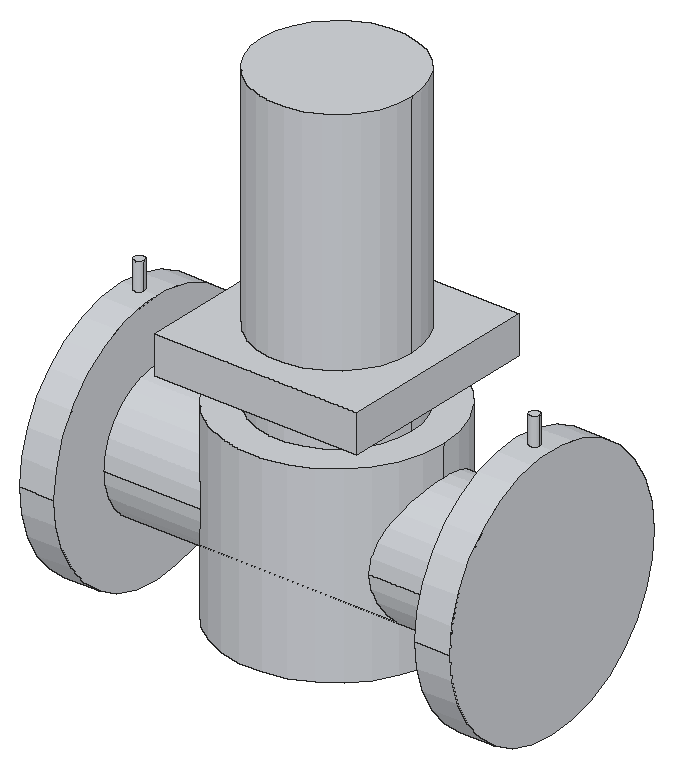
Revit family "PV_Compact_PN16_DN150_(90-350kPa)_RFA_2019", category Pipe Accessories, Revit 2019
Family settings
  Round Connector Dimension = Use Diameter
  Part Type = Valve - Breaks Into
  Work Plane-Based = No
  Always vertical = Yes
  Cut with Voids When Loaded = No
  Shared = No
Parameters (values of type "PV Compact PN16 DN150 (90-350kPa)")
  magiProductId = "05be4e71780741e6bc35f05414b0ce"
  magiProductFamilyId = "702e6e0aa49e4742ba9b7167dc79b1"
  magiPartTypeId = 304
  isMeasuringValve [instance] = no
  ang2D [instance] = 0.00°
  W2D = 125 mm
  VersionID = "2.0/2018.12.13.2/FRESE_PV_COMPACT_BIG_Q13_001"
  Use Minimum Symbol Size [instance] = no
  URL = "www.hydronic.cz"
  Type Comments = "PŘÍRUBOVÝ; PN16; dpmax=1000kPa; -10~+120°C"
  R4 = 84 mm
  R3 = 74.1 mm
  R1 = 120 mm
  QmdConnectorList = "301;D;302;D"
  Productdata [instance] = ""
  Manufacturer = "Hydronic Systems Prague s.r.o."
  Maintenance Zone Under Depth [instance] = 100 mm
  Maintenance Zone Right Depth [instance] = 100 mm
  Maintenance Zone Over Depth [instance] = 100 mm
  Maintenance Zone Left Depth [instance] = 100 mm
  Maintenance Zone Front Depth [instance] = 100 mm
  Maintenance Zone Back Depth [instance] = 100 mm
  Maintenance Zone Front Visibility [instance] = no
  MC Use Limits From Balancing Method = no
  MC Throttling Minimum Value = 0
  MC Throttling Maximum Value = 0
  MC Product Code = "53-3316 DN150 PN16; nastavitelný rozsah dp=90~350kPa; Q=59,3~237 m3/h;  kvs=250"
  MC Pressure Drop Minimum Value = 0.0 Pa
  MC Pressure Drop Maximum Value = 0.0 Pa
  MC Piping Given Pressure Drop [instance] = 0.0 Pa
  LF__ve = -LF  # -38.4 mm
  LF2 = 19.2 mm
  LF = 38.4 mm
  L4 = 225.6 mm
  L3 = 403.2 mm
  L2D_Min = 30.48 mm
  L2D = 400 mm
  L2 = 240 mm
  H6 = 256.25 mm
  H4 = 42.75 mm
  H3 = 35.625 mm
  H2 = 106.875 mm
  H1 = 213.75 mm
  Description = "Nastavitelný regulátor tlakové diference"
  DF2 = 142.5 mm
  D = 150 mm
  Clearance Zone Height Depth [instance] = 100 mm
  Clearance Zone Circular Radius [instance] = 240 mm
  Clearance Zone Visibility [instance] = no
  CAT0 = yes
Types (3, lengths in mm): name | magiProductId | Type Comments | R4 | R3 | R1 | MC Product Code | LF__ve | LF2 | LF | L4 | L3 | L2 | H6 | H4 | H3 | H2 | H1 | DF2 | D | Clearance Zone Circular Radius
  PV Compact PN16 DN125 (90-350kPa) | "b03890f2a0d24210acc7aed5971b3a" | "PŘÍRUBOVÝ; PN16; dpmax=1000kPa; -10~+120°C" | 70 | 70.2 | 100 | "53-3313 DN125 PN16; nastavitelný rozsah dp=90~350kPa; Q=40,3~161 m3/h;  kvs=170" | -32 | 16 | 32 | 188 | 336 | 200 | 225.5 | 40.5 | 33.75 | 101.25 | 202.5 | 135 | 125 | 200
  PV Compact PN16 DN150 (90-350kPa) | "05be4e71780741e6bc35f05414b0ce" | "PŘÍRUBOVÝ; PN16; dpmax=1000kPa; -10~+120°C" | 84 | 74.1 | 120 | "53-3316 DN150 PN16; nastavitelný rozsah dp=90~350kPa; Q=59,3~237 m3/h;  kvs=250" | -38.4 | 19.2 | 38.4 | 225.6 | 403.2 | 240 | 256.25 | 42.75 | 35.625 | 106.875 | 213.75 | 142.5 | 150 | 240
  PV Compact PN16 DN200 (90-350kPa) | "d4da5ac8261147a98be9f2bfe38293" | "PŘÍRUBOVÝ; PN16; dpmax=1000kPa; -10~+110°C" | 105 | 98.8 | 150 | "53-3319 DN200 PN16; nastavitelný rozsah dp=90~350kPa; Q=65,2~261 m3/h;  kvs=275" | -48 | 24 | 48 | 282 | 504 | 300 | 150 | 57 | 47.5 | 142.5 | 285 | 190 | 200 | 300
Reference planes
  plane 1 "Center (Front/Back)": y = 0
  plane 2 "XYPLANE": z = 0
  plane 3 "Center (Left/Right)": x = 0
  plane 4 "257": y = -142.5
  plane 5 "256": y = 142.5
  plane 6 "255": z = -142.5
  plane 7 "254": y = -242.5
  plane 8 "253": y = 242.5
  plane 9 "252": x = -340
  plane 10 "251": x = 340
  plane 11 "250": z = 541.5
  plane 12 "249": z = -242.5
  plane 13 "248": z = 541.5
  plane 14 "247": z = 441.5
  plane 15 "157": x = 220.8
  plane 16 "156": x = -220.8
  plane 17 "155": z = 142.5
  plane 18 "154": z = 185.25
  plane 19 "153": z = 142.5
  plane 20 "152": z = 106.875
  plane 21 "151": x = -201.6
  plane 22 "150": z = -106.875
  plane 23 "149": x = 0
  plane 24 "148": y = 0
  plane 25 "147": z = 0
  plane 26 "146": x = -240
  plane 27 "145": x = 240
Forms (mm)
  Blend 1, solid, visible <- "Maintenance Zone Front Visibility"
    base sketch origin (-750, 0, -242.5) x (1, 0, 0) y (0, 1, 0)
      loop
        line (410, 242.5) -> (410, -242.5) -> (1090, -242.5) -> (1090, 242.5) -> (410, 242.5)
    top sketch origin (-750, 0, -242.5) x (1, 0, 0) y (0, 1, 0)
      loop
        line (410, 242.5) -> (410, -242.5) -> (1090, -242.5) -> (1090, 242.5) -> (410, 242.5)
    from 0 to 784
  Blend 2, solid, visible <- "Clearance Zone Visibility"
    base sketch origin (-750, 0, 0) x (1, 0, 0) y (0, 1, 0)
      loop
        circle (750, 0) r 240
    top sketch origin (-750, 0, 0) x (1, 0, 0) y (0, 1, 0)
      loop
        circle (750, 0) r 240
    from 0 to 541.5
  Extrusion 3, solid, visible <- "CAT0"
    sketch origin (-750, 0, 142.5) x (1, 0, 0) y (0, 1, 0)
      loop
        circle (970.8, 0) r 5.5
    from 0 to 30
  Extrusion 4, solid, visible <- "CAT0"
    sketch origin (-750, 0, 142.5) x (1, 0, 0) y (0, 1, 0)
      loop
        circle (529.2, 0) r 5.5
    from 0 to 30
  Extrusion 5, solid
    sketch origin (-750, 0, 185.25) x (1, 0, 0) y (0, 1, 0)
      loop
        circle (750, 0) r 84
    from 0 to 256.25 <- "H6"
  Extrusion 6, solid, visible <- "CAT0"
    sketch origin (-750, 0, 142.5) x (1, 0, 0) y (0, 1, 0)
      loop
        line (862.8, 112.8) -> (637.2, 112.8) -> (637.2, -112.8) -> (862.8, -112.8) -> (862.8, 112.8)
    from 0 to 42.75 <- "H4"
  Extrusion 7, solid, visible <- "CAT0"
    sketch origin (-750, 0, 106.875) x (1, 0, 0) y (0, 1, 0)
      loop
        circle (750, 0) r 84
    from 0 to 35.625 <- "H3"
  Extrusion 8, solid, visible <- "CAT0"
    sketch origin (-201.6, -750, 0) x (0, 1, 0) y (0, 0, 1)
      loop
        circle (750, 0) r 74.1
    from 0 to 403.2 <- "L3"
  Extrusion 9, solid, visible <- "CAT0"
    sketch origin (-750, 0, -106.875) x (1, 0, 0) y (0, 1, 0)
      loop
        circle (750, 0) r 120
    from 0 to 213.75 <- "H1"
  Extrusion 10, solid, visible <- "CAT0"
    sketch origin (-240, -750, 0) x (0, 1, 0) y (0, 0, 1)
      loop
        circle (750, 0) r 142.5
    from 0 to 38.4 <- "LF"
  Extrusion 11, solid, visible <- "CAT0"
    sketch origin (240, -750, 0) x (0, 1, 0) y (0, 0, 1)
      loop
        circle (750, 0) r 142.5
    from 0 to -38.4 <- "LF__ve"
  Extrusion 12, solid, not visible
    sketch origin (-240, -750, 0) x (0, 1, 0) y (0, 0, 1)
      loop
        circle (750, 0) r 10
    from 0 to 10
  Extrusion 13, solid, not visible
    sketch origin (240, -750, 0) x (0, 1, 0) y (0, 0, 1)
      loop
        circle (750, 0) r 10
    from 0 to -10
Lines and regions (mm)
  reference lines, not visible
    curve 1: circle (2, 2, 0) r 1 normal (0, 0, 1)
  reference lines
    curve 2: circle (0, 0, 142.5) r 1 normal (0, 0, 1)
Dimensions and locks
  plane 1 "Center (Front/Back)" to curve 1 = 2 mm
  "DF2": plane 24 "148" to plane 4 "257"
  "DF2": plane 24 "148" to plane 5 "256"
  "DF2": plane 25 "147" to plane 6 "255"
  "Maintenance Zone Front Depth": plane 4 "257" to plane 7 "254"
  "Maintenance Zone Back Depth": plane 5 "256" to plane 8 "253"
  "Maintenance Zone Left Depth": plane 26 "146" to plane 9 "252"
  "Maintenance Zone Right Depth": plane 27 "145" to plane 10 "251"
  "Maintenance Zone Over Depth": plane 14 "247" to plane 11 "250"
  "Maintenance Zone Under Depth": plane 6 "255" to plane 12 "249"
  "Clearance Zone Height Depth": plane 14 "247" to plane 13 "248"
  "H6": plane 18 "154" to plane 14 "247"
  "LF2": plane 27 "145" to plane 15 "157"
  "LF2": plane 26 "146" to plane 16 "156"
  "DF2": plane 2 "XYPLANE" to plane 17 "155"
  "H4": plane 19 "153" to plane 18 "154"
  "H3": plane 20 "152" to plane 19 "153"
  "H1": plane 22 "150" to plane 20 "152"
  "LF": plane 26 "146" to plane 21 "151"
  "H2": plane 2 "XYPLANE" to plane 22 "150"
  locked: plane 3 "Center (Left/Right)" to plane 23 "149"
  locked: plane 1 "Center (Front/Back)" to plane 24 "148"
  locked: plane 2 "XYPLANE" to plane 25 "147"
  "L2": plane 3 "Center (Left/Right)" to plane 26 "146"
  "L2": plane 3 "Center (Left/Right)" to plane 27 "145"
  Blend 1 sketch curve to Blend 1 sketch curve = 0 mm  (x16)
  equal spacing: Extrusion 6 sketch curve, curve 2, Extrusion 6 sketch curve  (x2)
  "L4": Extrusion 6 sketch curve to Extrusion 6 sketch curve  (x2)
  Extrusion 6 sketch curve to Extrusion 6 sketch curve = 0 mm  (x8)
  "Clearance Zone Circular Radius": radius of Blend 2 sketch curve  (x2)
  "R4": radius of Extrusion 5 sketch curve
  "R4": radius of Extrusion 7 sketch curve
  "R3": radius of Extrusion 8 sketch curve
  "R1": radius of Extrusion 9 sketch curve
  "DF2": radius of Extrusion 10 sketch curve
  "DF2": radius of Extrusion 11 sketch curve
  aligned and locked: level to plane 2 "XYPLANE"
  aligned and locked: Blend 1 sketch curve to plane 8 "253"  (x2)
  aligned and locked: plane 9 "252" to Blend 1 sketch curve  (x4)
  aligned and locked: plane 10 "251" to Blend 1 sketch curve  (x4)
  aligned and locked: plane 8 "253" to Blend 1 sketch curve  (x2)
  aligned and locked: plane 7 "254" to Blend 1 sketch curve  (x4)
  aligned and locked: plane 11 "250" to Blend 1
  aligned and locked: plane 23 "149" to Blend 2 sketch curve  (x2)
  aligned and locked: plane 24 "148" to Blend 2 sketch curve  (x2)
  aligned and locked: plane 13 "248" to Blend 2
  aligned and locked: plane 15 "157" to Extrusion 3 sketch curve
  aligned and locked: plane 24 "148" to Extrusion 3 sketch curve
  aligned and locked: plane 16 "156" to Extrusion 4 sketch curve
  aligned and locked: plane 24 "148" to Extrusion 4 sketch curve
  aligned and locked: plane 23 "149" to Extrusion 5 sketch curve
  aligned and locked: plane 24 "148" to Extrusion 5 sketch curve
  aligned and locked: plane 23 "149" to curve 2
  aligned and locked: plane 24 "148" to curve 2
  aligned and locked: plane 23 "149" to Extrusion 7 sketch curve
  aligned and locked: plane 24 "148" to Extrusion 7 sketch curve
  aligned and locked: Extrusion 8 sketch curve to plane 24 "148"
  aligned and locked: plane 25 "147" to Extrusion 8 sketch curve
  aligned and locked: plane 23 "149" to Extrusion 9 sketch curve
  aligned and locked: plane 24 "148" to Extrusion 9 sketch curve
  aligned and locked: Extrusion 10 sketch curve to plane 24 "148"
  aligned and locked: plane 25 "147" to Extrusion 10 sketch curve
  aligned and locked: Extrusion 11 sketch curve to plane 24 "148"
  aligned and locked: plane 25 "147" to Extrusion 11 sketch curve
  aligned and locked: Extrusion 12 sketch curve to plane 24 "148"
  aligned and locked: plane 25 "147" to Extrusion 12 sketch curve
  aligned and locked: Extrusion 13 sketch curve to plane 24 "148"
  aligned and locked: plane 25 "147" to Extrusion 13 sketch curve
Automatic sketch dimensions
  Extrusion 3 sketch curve to Extrusion 3 sketch curve = 5.5 mm
  Extrusion 4 sketch curve to Extrusion 4 sketch curve = 5.5 mm
  plane 1 "Center (Front/Back)" to Extrusion 12 sketch curve = 10 mm
  plane 1 "Center (Front/Back)" to Extrusion 13 sketch curve = 10 mm
  plane 3 "Center (Left/Right)" to curve 1 = 2 mm
  plane 21 "151" to Extrusion 6 sketch curve = 88.8 mm
  plane 4 "257" to Extrusion 6 sketch curve = 29.7 mm
  radius of curve 2 = 1 mm
  radius of curve 1 = 1 mm
Connectors
  piping at (-240, 0, 0), diameter 150, driven by "D"
    settings: on Extrusion 12, index 1, connector inside diameter 609.6 mm, connector length 0 mm, flow factor 0, pipe flow 0.0 L/s, pressure drop 0.0 Pa, fitting loss kfactor 0, connector angle 0.00°, fixture units 0, engagement length 0 mm, angle of deflection 0.00°, flow configuration 0, flow direction 0, fitting loss method 0, system type 29, joint type 0, gender type 0, connector reference index 2, connector utility 0, adjustable connector no, is connector primary yes, connector description ""
  piping at (240, 0, 0), diameter 150, driven by "D"
    settings: on Extrusion 13, index 2, connector inside diameter 609.6 mm, connector length 0 mm, flow factor 0, pipe flow 0.0 L/s, pressure drop 0.0 Pa, fitting loss kfactor 0, connector angle 0.00°, fixture units 0, engagement length 0 mm, angle of deflection 0.00°, flow configuration 0, flow direction 0, fitting loss method 0, system type 29, joint type 0, gender type 0, connector reference index 1, connector utility 0, adjustable connector no, is connector primary no, connector description ""
